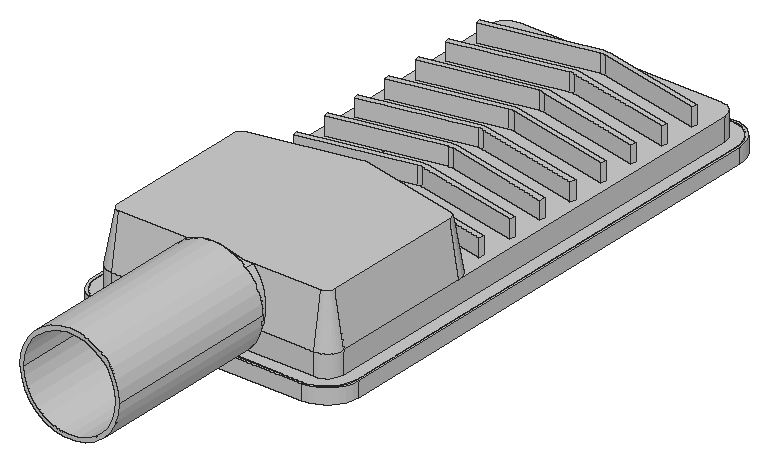
Revit family "NNYC2001188", category 照明器具, Revit 2018
Family settings
  丸型コネクタ寸法 = 直径を使用
  パーツ タイプ = 標準
  OmniClass 番号 = 23.80.70.00
  OmniClass タイトル = Lighting
  作業面ベース = はい
  常に垂直 = いいえ
  ロード時にボイドで切り取り = いいえ
  光源 = はい
  共有 = いいえ
  部屋計算ポイント = いいえ
Parameters (values of type "NNYC2001188")
  built-in parameter 1150110 = 1 (stored number, unit not read)
  長方形の長さに沿って放射 = 52 mm
  長方形の幅に沿って放射 = 154 mm
  built-in parameter 1150133 = 10 (stored number, unit not read)
  Dimming Lamp Color Temperature Shift = (empty or 0)
  説明 = "NNYC2001188"
  製造元 = "Panasonic Corp."
  built-in parameter 1150104 = 13.8 (stored number, unit not read)
  built-in parameter 1150115 = 1 (stored number, unit not read)
  built-in parameter 1150137 = 1
  built-in parameter 1150106 = 2.8648 (stored number, unit not read)
  built-in parameter 1150134 = (empty or 0)
  built-in parameter 1150109 = 1 (stored number, unit not read)
  Default Elevation = 0 mm
  built-in parameter 1114218 = 1 (stored number, unit not read)
  built-in parameter 1114217 = 1 (stored number, unit not read)
  built-in parameter 1150102 = (empty or 0)
  built-in parameter 1150107 = 3000 (stored number, unit not read)
  built-in parameter 1150138 = (empty or 0)
  built-in parameter 1150132 = 2
  Lumens = 3600 lm
  built-in parameter 1150105 = 286.48 (stored number, unit not read)
  Tilt Angle = 90.00°
  built-in parameter 1150139 = (empty or 0)
  Cost = 63000
  Wattage = 24.2356 W
  Emit Shape Visible in Rendering = no
  built-in parameter 1150112 = 1 (stored number, unit not read)
  built-in parameter 1150114 = 1 (stored number, unit not read)
  Lamp = ""
  モデル = "LED Street Light SP series"
  フォトメトリック Web ファイル = "NNYC2001188.ies"
  タイプの説明 = "Street Light"
  Type Image = (empty or 0)
  built-in parameter 1150113 = 1 (stored number, unit not read)
  Color Filter = 16777215
  Voltage = 230 V
  Width = 0 mm
  URL = "https://panasonic.net/electricworks/lighting/"
  Light Source = Light Source
  Height = 0 mm
  Length = 0 mm
  Body = ADC12
Reference planes
  plane 1 "Light Source Axis (F/B)": y = 0
  plane 2: z = 0
  plane 3 "Light Source Axis (L/R)": x = 0
  plane 4 "Light Source Elevation": z = 0
  plane 5: z = 21
  plane 6: y = 156
Forms (mm)
  Extrusion 1, solid, material "ADC12" <- "Body"
    sketch origin (0, 0, 0) x (1, 0, 0) y (0, 0, 1)
      loop
        circle (0, 0) r 26
      loop
        circle (0, 0) r 28.2
    from -101 to 0
  Extrusion 2, solid, material "ADC12" <- "Body"
    sketch origin (0, 0, 0) x (1, 0, 0) y (0, 1, 0)
      loop
        line (-57.025, 92.5) -> (57.025, 92.5)
        arc (57.025, 92.5) -> (69.735, 97.765) -> (75, 110.475) r 17.975
        line (75, 110.475) -> (75, 379.484)
        arc (75, 379.484) -> (69.735, 392.195) -> (57.025, 397.46) r 17.975
        line (57.025, 397.46) -> (-57.025, 397.46)
        arc (-57.025, 397.46) -> (-69.735, 392.195) -> (-75, 379.484) r 17.975
        line (-75, 379.484) -> (-75, 110.475)
        arc (-75, 110.475) -> (-69.735, 97.765) -> (-57.025, 92.5) r 17.975
      loop
        line (-57.025, 94) -> (57.025, 94)
        arc (57.025, 94) -> (68.674, 98.826) -> (73.5, 110.475) r 16.475
        line (73.5, 110.475) -> (73.5, 379.484)
        arc (73.5, 379.484) -> (68.674, 391.134) -> (57.025, 395.96) r 16.475
        line (57.025, 395.96) -> (-57.025, 395.96)
        arc (-57.025, 395.96) -> (-68.674, 391.134) -> (-73.5, 379.484) r 16.475
        line (-73.5, 379.484) -> (-73.5, 110.475)
        arc (-73.5, 110.475) -> (-68.674, 98.826) -> (-57.025, 94) r 16.475
    from -29 to -20.5
  Extrusion 3, solid, material "ADC12" <- "Body"
    sketch origin (0, 0, 0) x (1, 0, 0) y (0, 1, 0)
      loop
        line (-57.025, 94) -> (57.025, 94)
        arc (57.025, 94) -> (68.674, 98.826) -> (73.5, 110.475) r 16.475
        line (73.5, 110.475) -> (73.5, 379.484)
        arc (73.5, 379.484) -> (68.674, 391.134) -> (57.025, 395.96) r 16.475
        line (57.025, 395.96) -> (-57.025, 395.96)
        arc (-57.025, 395.96) -> (-68.674, 391.134) -> (-73.5, 379.484) r 16.475
        line (-73.5, 379.484) -> (-73.5, 110.475)
        arc (-73.5, 110.475) -> (-68.674, 98.826) -> (-57.025, 94) r 16.475
      loop
        line (-44.985, 369.596) -> (-44.985, 212.404)
        arc (-44.985, 212.404) -> (-42.663, 206.798) -> (-37.057, 204.476) r 7.928
        line (-37.057, 204.476) -> (37.057, 204.476)
        arc (37.057, 204.476) -> (42.663, 206.798) -> (44.985, 212.404) r 7.928
        line (44.985, 212.404) -> (44.985, 369.596)
        arc (44.985, 369.596) -> (42.663, 375.202) -> (37.057, 377.524) r 7.928
        line (37.057, 377.524) -> (-37.057, 377.524)
        arc (-37.057, 377.524) -> (-42.663, 375.202) -> (-44.985, 369.596) r 7.928
    from -29 to -20.5
  Extrusion 4, solid, material "Light Source" <- "Light Source"
    sketch origin (0, 0, 0) x (1, 0, 0) y (0, 1, 0)
      loop
        arc (26, 366) -> (25.414, 367.414) -> (24, 368) r 2
        line (24, 368) -> (-24, 368)
        arc (-24, 368) -> (-25.414, 367.414) -> (-26, 366) r 2
        line (-26, 366) -> (-26, 216)
        arc (-26, 216) -> (-25.414, 214.586) -> (-24, 214) r 2
        line (-24, 214) -> (24, 214)
        arc (24, 214) -> (25.414, 214.586) -> (26, 216) r 2
        line (26, 216) -> (26, 366)
    from -12.8 to -11.8
  Extrusion 5, solid, material "ADC12" <- "Body"
    sketch origin (0, 0, 0) x (1, 0, 0) y (0, 1, 0)
      loop
        line (-57.025, 101) -> (57.025, 101)
        arc (57.025, 101) -> (63.725, 103.775) -> (66.5, 110.475) r 9.475
        line (66.5, 110.475) -> (66.5, 379.484)
        arc (66.5, 379.484) -> (63.725, 386.184) -> (57.025, 388.96) r 9.475
        line (57.025, 388.96) -> (-57.025, 388.96)
        arc (-57.025, 388.96) -> (-63.725, 386.184) -> (-66.5, 379.484) r 9.475
        line (-66.5, 379.484) -> (-66.5, 110.475)
        arc (-66.5, 110.475) -> (-63.725, 103.775) -> (-57.025, 101) r 9.475
    from -20.5 to -8
  Blend 6, solid, material "ADC12" <- "Body"
    base sketch origin (0, 0, 0) x (1, 0, 0) y (0, 1, 0)
      loop
        line (58.579, 201.549) -> (2.079, 213.558)
        arc (2.079, 213.558) -> (0, 213.777) -> (-2.079, 213.558) r 10
        line (-2.079, 213.558) -> (-58.579, 201.549)
        arc (-58.579, 201.549) -> (-64.271, 198.06) -> (-66.5, 191.767) r 10
        line (-66.5, 191.767) -> (-66.5, 110.475)
        arc (-66.5, 110.475) -> (-63.725, 103.775) -> (-57.025, 101) r 9.475
        line (-57.025, 101) -> (57.025, 101)
        arc (57.025, 101) -> (63.725, 103.775) -> (66.5, 110.475) r 9.475
        line (66.5, 110.475) -> (66.5, 191.767)
        arc (66.5, 191.767) -> (64.271, 198.06) -> (58.579, 201.549) r 10
    top sketch origin (0, 0, 0) x (1, 0, 0) y (0, 1, 0)
      loop
        line (-1.04, 208.667) -> (-57.54, 196.658)
        arc (-57.54, 196.658) -> (-60.386, 194.914) -> (-61.5, 191.767) r 5
        line (-61.5, 191.767) -> (-61.5, 110.475)
        arc (-61.5, 110.475) -> (-60.189, 107.311) -> (-57.025, 106) r 4.475
        line (-57.025, 106) -> (57.025, 106)
        arc (57.025, 106) -> (60.189, 107.311) -> (61.5, 110.475) r 4.475
        line (61.5, 110.475) -> (61.5, 191.767)
        arc (61.5, 191.767) -> (60.386, 194.914) -> (57.54, 196.658) r 5
        line (57.54, 196.658) -> (1.04, 208.667)
        arc (1.04, 208.667) -> (0, 208.777) -> (-1.04, 208.667) r 5
    from -8 to 21
  Blend 7, void
    base sketch origin (0, 0, 0) x (1, 0, 0) y (0, 1, 0)
      loop
        line (-44.985, 369.596) -> (-44.985, 212.404)
        arc (-44.985, 212.404) -> (-42.663, 206.798) -> (-37.057, 204.476) r 7.928
        line (-37.057, 204.476) -> (37.057, 204.476)
        arc (37.057, 204.476) -> (42.663, 206.798) -> (44.985, 212.404) r 7.928
        line (44.985, 212.404) -> (44.985, 369.596)
        arc (44.985, 369.596) -> (42.663, 375.202) -> (37.057, 377.524) r 7.928
        line (37.057, 377.524) -> (-37.057, 377.524)
        arc (-37.057, 377.524) -> (-42.663, 375.202) -> (-44.985, 369.596) r 7.928
    top sketch origin (0, 0, 0) x (1, 0, 0) y (0, 1, 0)
      loop
        line (-36.985, 364.524) -> (-36.985, 217.476)
        arc (-36.985, 217.476) -> (-35.52, 213.94) -> (-31.985, 212.476) r 5
        line (-31.985, 212.476) -> (31.985, 212.476)
        arc (31.985, 212.476) -> (35.52, 213.94) -> (36.985, 217.476) r 5
        line (36.985, 217.476) -> (36.985, 364.524)
        arc (36.985, 364.524) -> (35.52, 368.06) -> (31.985, 369.524) r 5
        line (31.985, 369.524) -> (-31.985, 369.524)
        arc (-31.985, 369.524) -> (-35.52, 368.06) -> (-36.985, 364.524) r 5
    from -20.5 to -12.8
  Extrusion 8, void
    sketch origin (0, 0, 0) x (1, 0, 0) y (0, 1, 0)
      loop
        arc (26, 366) -> (25.414, 367.414) -> (24, 368) r 2
        line (24, 368) -> (-24, 368)
        arc (-24, 368) -> (-25.414, 367.414) -> (-26, 366) r 2
        line (-26, 366) -> (-26, 216)
        arc (-26, 216) -> (-25.414, 214.586) -> (-24, 214) r 2
        line (-24, 214) -> (24, 214)
        arc (24, 214) -> (25.414, 214.586) -> (26, 216) r 2
        line (26, 216) -> (26, 366)
    from -12.8 to -11.8
  Extrusion 9, solid, material "ADC12" <- "Body"
    sketch origin (0, 0, 0) x (1, 0, 0) y (0, 1, 0)
      loop
        line (-2.079, 228.446) -> (-61.5, 215.816) -> (-60.876, 212.882) -> (-1.455, 225.512)
        arc (-1.455, 225.512) -> (0, 225.665) -> (1.455, 225.512) r 7
        line (1.455, 225.512) -> (60.876, 212.882) -> (61.5, 215.816) -> (2.079, 228.446)
        arc (2.079, 228.446) -> (0, 228.665) -> (-2.079, 228.446) r 10
      loop
        line (-2.079, 249.946) -> (-61.5, 237.316) -> (-60.876, 234.382) -> (-1.455, 247.012)
        arc (-1.455, 247.012) -> (0, 247.165) -> (1.455, 247.012) r 7
        line (1.455, 247.012) -> (60.876, 234.382) -> (61.5, 237.316) -> (2.079, 249.946)
        arc (2.079, 249.946) -> (0, 250.165) -> (-2.079, 249.946) r 10
      loop
        line (-2.079, 271.446) -> (-61.5, 258.816) -> (-60.876, 255.882) -> (-1.455, 268.512)
        arc (-1.455, 268.512) -> (0, 268.665) -> (1.455, 268.512) r 7
        line (1.455, 268.512) -> (60.876, 255.882) -> (61.5, 258.816) -> (2.079, 271.446)
        arc (2.079, 271.446) -> (0, 271.665) -> (-2.079, 271.446) r 10
      loop
        line (-2.079, 292.946) -> (-61.5, 280.316) -> (-60.876, 277.382) -> (-1.455, 290.012)
        arc (-1.455, 290.012) -> (0, 290.165) -> (1.455, 290.012) r 7
        line (1.455, 290.012) -> (60.876, 277.382) -> (61.5, 280.316) -> (2.079, 292.946)
        arc (2.079, 292.946) -> (0, 293.165) -> (-2.079, 292.946) r 10
      loop
        line (-2.079, 314.446) -> (-61.5, 301.816) -> (-60.876, 298.882) -> (-1.455, 311.512)
        arc (-1.455, 311.512) -> (0, 311.665) -> (1.455, 311.512) r 7
        line (1.455, 311.512) -> (60.876, 298.882) -> (61.5, 301.816) -> (2.079, 314.446)
        arc (2.079, 314.446) -> (0, 314.665) -> (-2.079, 314.446) r 10
      loop
        line (-2.079, 335.946) -> (-61.5, 323.316) -> (-60.876, 320.382) -> (-1.455, 333.012)
        arc (-1.455, 333.012) -> (0, 333.165) -> (1.455, 333.012) r 7
        line (1.455, 333.012) -> (60.876, 320.382) -> (61.5, 323.316) -> (2.079, 335.946)
        arc (2.079, 335.946) -> (0, 336.165) -> (-2.079, 335.946) r 10
      loop
        line (-2.079, 357.446) -> (-61.5, 344.816) -> (-60.876, 341.882) -> (-1.455, 354.512)
        arc (-1.455, 354.512) -> (0, 354.665) -> (1.455, 354.512) r 7
        line (1.455, 354.512) -> (60.876, 341.882) -> (61.5, 344.816) -> (2.079, 357.446)
        arc (2.079, 357.446) -> (0, 357.665) -> (-2.079, 357.446) r 10
      loop
        line (-2.079, 378.946) -> (-61.5, 366.316) -> (-60.876, 363.382) -> (-1.455, 376.012)
        arc (-1.455, 376.012) -> (0, 376.165) -> (1.455, 376.012) r 7
        line (1.455, 376.012) -> (60.876, 363.382) -> (61.5, 366.316) -> (2.079, 378.946)
        arc (2.079, 378.946) -> (0, 379.165) -> (-2.079, 378.946) r 10
    from -8 to 2
  Blend 10, solid, material "ADC12" <- "Body"
    base sketch origin (0, 0, 0) x (1, 0, 0) y (0, 0, 1)
      loop
        arc (-18.821, 21) -> (0, -28.2) -> (18.821, 21) r 28.2
        arc (18.821, 21) -> (0, 28.2) -> (-18.821, 21) r 28.2
    top sketch origin (0, 0, 0) x (1, 0, 0) y (0, 0, 1)
      loop
        arc (-18.821, 21) -> (0, -28.2) -> (18.821, 21) r 28.2
        line (18.821, 21) -> (-18.821, 21)
    from -101 to -106
Cuts and joins
  Blend 7, Extrusion 8 cuts Extrusion 5
  joined: Extrusion 1, Extrusion 3, Extrusion 5, Blend 6, Extrusion 9
Dimensions and locks
  aligned and locked: level to plane 2
Connectors
  electrical at (0, 156, 21)
    settings: on plane 5, index 1, voltage 0 V, apparent load 0 VA, apparent load phase1 0 VA, apparent load phase2 0 VA, apparent load phase3 0 VA, power factor 1, load classification "Other", number of poles 1, system type 30, power factor state 1, is connector primary yes, connector utility no, sub classification motor no, connector description ""
